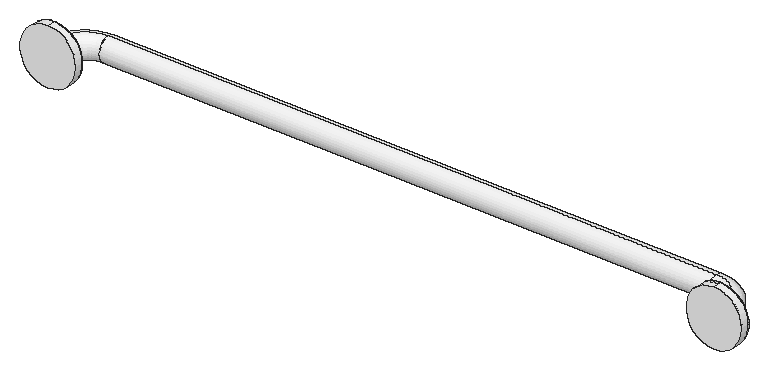
Revit family "SA-1009-36_SPEAKMAN__NEO_ADA GRAB BAR", category Generic Models, host Wall, Revit 2023
Family settings
  Host = Wall
  Can host rebar = No
  Round Connector Dimension = Use Diameter
  Part Type = Normal
  Always vertical = Yes
  Cut with Voids When Loaded = No
  Maintain Annotation Orientation = No
  Shared = No
  Room Calculation Point = No
Parameters
  Length B = 3' - 0"
  MATERIAL_SA-1009 = MATERIAL_SA-1009
  Length A = Length B + 0' 3"  # 3' - 3"
  Default Elevation = 0' - 0"
Reference planes (in)
  plane 1: y = 0
  plane 2 "Center (Left/Right)": x = 0
  plane 3 "Wall Edge": y = 3
  plane 4: z = 32.83198
  plane 5: x = 18
  plane 6: x = -18
  plane 7: z = 32.2002
  plane 8: z = 33.4502
  plane 9: y = 5.75
  plane 10: y = 5.75
  plane 11: y = 5.125
  plane 12: z = 34.33198
  plane 13: z = 31.33198
  plane 14: y = 3.5
  plane 15: x = 19.5
  plane 16: x = -19.5
  plane 17: x = 16.5
  plane 18: x = -16.5
Forms (in)
  Extrusion 1, solid, material "MATERIAL_SA-1009" <- "MATERIAL_SA-1009"
    sketch origin (4.51171, 3.60648, -27) x (1, 0, 0) y (0, 0, 1)
      loop
        circle (13.48829, 59.83198) r 1.5
    from 0.10648 to 0.60648
  Extrusion 2, solid, material "MATERIAL_SA-1009" <- "MATERIAL_SA-1009"
    sketch origin (-4.48829, 3.60648, -27) x (1, 0, 0) y (0, 0, 1)
      loop
        circle (-13.51171, 59.83198) r 1.5
    from 0.10648 to 0.60648
  Sweep 3, void
    path origin (0.01171, 3.60648, -27) x (1, 0, 0) y (0, 0, 1)
      loop
        circle (17.98829, 59.83198) r 1.5
    profile origin (19.5, 3.60648, 32.83198) x (-1, 0, 0) y (0, -1, 0)
      loop
        line (0, 0.10648) -> (0.0625, 0.10648)
        arc (0.0625, 0.10648) -> (0.01831, 0.12479) -> (0, 0.16898) r 0.0625
        line (0, 0.16898) -> (0, 0.10648)
  Sweep 4, void
    path origin (0.01171, 3.60648, -27) x (1, 0, 0) y (0, 0, 1)
      loop
        circle (-18.01171, 59.83198) r 1.5
    profile origin (-19.5, 3.60648, 32.83198) x (0, -1, 0) y (1, 0, 0)
      loop
        line (0.10648, 0) -> (0.16898, 0)
        arc (0.16898, 0) -> (0.12479, 0.01831) -> (0.10648, 0.0625) r 0.0625
        line (0.10648, 0.0625) -> (0.10648, 0)
  Sweep 5, solid, material "MATERIAL_SA-1009" <- "MATERIAL_SA-1009"
    path origin (0, 0.03974, 0) x (1, 0, 0) y (0, 1, 0)
      loop
        line (-18, 3.46026) -> (-18, 3.52276)
        arc (-18, 3.52276) -> (-17.54235, 4.62761) -> (-16.4375, 5.08526) r 1.5625
        line (-16.4375, 5.08526) -> (16.4375, 5.08526)
        arc (16.4375, 5.08526) -> (17.54235, 4.62761) -> (18, 3.52276) r 1.5625
        line (18, 3.52276) -> (18, 3.46026)
    profile origin (-17.54235, 4.66735, 0) x (-0.707107, 0.707107, 0) y (0, 0, 1)
      loop
        circle (0.01177, 32.8252) r 0.625
Cuts and joins
  Sweep 3 cuts Extrusion 1
  Sweep 4 cuts Extrusion 2
  joined: Extrusion 1, Extrusion 2
Text (in)
  text "Placement Side" at (0, 13.14315, 75.8803), in view "Right"
  text "Placement Side" at (-70.3804, 28.46503, 0), in view "Ref. Level"
  text "Placement Side" at (0, 81.62555, 140.59947), in view "Left"
Dimensions and locks (in)
  locked: plane 3 "Wall Edge" to host wall
  plane 7 to plane 8 = 0' - 1 1/4"
  equal spacing: plane 6, plane 2 "Center (Left/Right)", plane 5
  "Length B": plane 6 to plane 5
  host wall to plane 9 = 0' - 2 3/4"
  plane 11 to plane 3 "Wall Edge" = 0' - 2 1/8"
  plane 13 to plane 12 = 0' - 3"
  "Length A": plane 16 to plane 15
  plane 10 to plane 3 "Wall Edge" = 0' - 2 3/4"
  plane 16 to plane 15 = 3' - 3"
  plane 6 to plane 5 = 3' - 0"
  plane 11 to host wall = 0' - 2 1/8"
  plane 10 to host wall = 0' - 2 3/4"
  plane 12 to plane 13 = 0' - 3"  (x2)
  plane 8 to plane 7 = 0' - 1 1/4"  (x2)
  host wall to plane 11 = 0' - 2 1/8"
  plane 3 "Wall Edge" to plane 14 = 0' - 0 1/2"
  plane 17 to plane 15 = 0' - 3"
  plane 18 to plane 16 = 0' - 3"
  equal spacing: plane 18, plane 6, plane 16
  equal spacing: plane 17, plane 5, plane 15
  plane 14 to host wall = 0' - 0 1/2"
  plane 10 to plane 14 = 0' - 2 1/4"
  host wall to plane 14 to plane 10 = 0' - 0 1/2", 0' - 2 1/4"
  diameter of Sweep 5 sketch curve = 0' - 1 1/4"
  aligned and locked: plane 5 to Extrusion 1 sketch curve  (x2)
  aligned and locked: plane 12 to Extrusion 1
  aligned and locked: plane 13 to Extrusion 1
  aligned and locked: plane 5 to Extrusion 1  (x2)
  aligned and locked: plane 6 to Extrusion 2 sketch curve  (x2)
  aligned and locked: plane 6 to Extrusion 2  (x2)
  aligned and locked: Extrusion 2 to plane 12
  aligned and locked: plane 13 to Extrusion 2
  aligned and locked: plane 5 to Sweep 3 sketch curve  (x2)
  aligned and locked: plane 12 to Sweep 3 sketch curve
  aligned and locked: plane 13 to Sweep 3 sketch curve
  aligned and locked: Sweep 3 sketch curve to profile plane
  aligned and locked: Sweep 3 sketch curve to Extrusion 1
  aligned and locked: plane 6 to Sweep 4 sketch curve  (x2)
  aligned and locked: Sweep 4 sketch curve to Extrusion 2
  aligned and locked: profile plane to Sweep 4 sketch curve
  aligned and locked: plane 14 to Extrusion 2
  aligned and locked: Extrusion 1 to plane 14
  aligned and locked: plane 14 to Sweep 5 sketch curve
  aligned and locked: plane 6 to Sweep 5 sketch curve
  aligned and locked: plane 11 to Sweep 5 sketch curve  (x2)
  aligned and locked: plane 5 to Sweep 5 sketch curve  (x2)
  aligned and locked: Sweep 5 sketch curve to plane 14
Automatic sketch dimensions
  Extrusion 1 sketch curve to Extrusion 1 sketch curve = 0' - 0"  (x2)
  Extrusion 1 sketch curve to plane 4 = 0' - 0"
  plane 5 to Extrusion 1 sketch curve = 0' - 0"
  Extrusion 1 sketch curve to plane 13 = 0' - 0"
  Extrusion 2 sketch curve to Extrusion 2 sketch curve = 0' - 0"  (x2)
  Extrusion 2 sketch curve to plane 4 = 0' - 0"
  plane 6 to Extrusion 2 sketch curve = 0' - 0"
  Extrusion 2 sketch curve to plane 13 = 0' - 0"
  Sweep 3 sketch curve to Sweep 3 sketch curve = 0' - 0"
  plane 5 to Sweep 3 sketch curve = 0' - 0"
  Sweep 3 sketch curve to Sweep 3 sketch curve = 0' - 0 1/16"
  Sweep 4 sketch curve to Sweep 4 sketch curve = 0' - 0"  (x2)
  Sweep 4 sketch curve to plane 4 = 0' - 0"
  plane 6 to Sweep 4 sketch curve = 0' - 0"
  Sweep 4 sketch curve to plane 13 = 0' - 0"
  Sweep 4 sketch curve to profile plane = 0' - 0 1/16"
  Sweep 5 sketch curve to Sweep 5 sketch curve = 0' - 0"  (x2)
  Sweep 5 sketch curve to profile plane = 0' - 0.01177"
  profile plane to Sweep 5 sketch curve = 2' - 8.8252"
  Sweep 5 sketch curve to plane 6 = 0' - 1 9/16"
  plane 5 to Sweep 5 sketch curve = 0' - 1 9/16"
